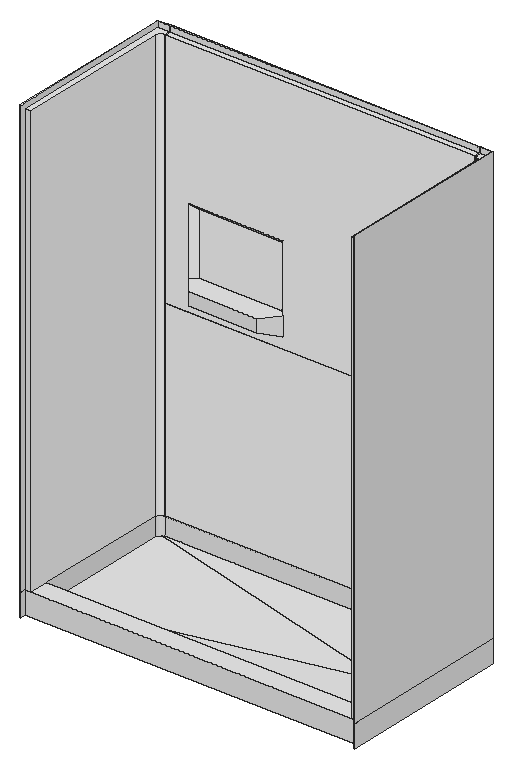
Revit family "5LRS6030L-R", category Plumbing Fixtures, Revit 2017
Family settings
  Round Connector Dimension = Use Diameter
  Part Type = Normal
  OmniClass Number = 23.45.05.14.17
  OmniClass Title = Showers
  Work Plane-Based = No
  Always vertical = Yes
  Cut with Voids When Loaded = No
  Shared = No
  Room Calculation Point = No
Parameters (values of type "5LRS6030")
  Unit Width = 60"
  Unit Height = 82 1/4"
  Unit Depth = 31"
  URL = "http://www.bestbath.com/"
  Type Comments = "Remodeler"
  Model = "5LRS6030"
  Material [instance] = Best Bath Gelcoat Fiberglass - RealTile
  Manufacturer = "Best Bath Systems, Inc."
  Keynote = "22 40 00.B3"
  Description = "Real Tile Finish"
  Assembly Code = "D2010710"
Reference planes (in)
  plane 1: z = 0
  plane 2 "Left": x = 0
  plane 3: z = 81.25
  plane 4: z = 82.25
  plane 5: y = 6.36165
  plane 6: y = 36.36165
  plane 7: x = 60
  plane 8: y = 35.11165
  plane 9: y = 22.36165
  plane 10: x = 51.5
  plane 11: z = 0.375
  plane 12: z = 0.75
  plane 13: z = 38.25
  plane 14: z = 4
  plane 15: y = 5.36165
  plane 16: z = 43.625
Forms (in)
  Extrusion 1, solid, material "Best Bath Gelcoat Fiberglass - Smooth"
    sketch origin (0, 0, 0) x (1, 0, 0) y (0, 1, 0)
      loop
        line (0, 6.36165) -> (60, 6.36165) -> (60, 36.36165) -> (0, 36.36165) -> (0, 6.36165)
      loop
        circle (51.5, 22.36165) r 2.125
    from 0 to 0.75
  Extrusion 2, solid, material "Best Bath Gelcoat Fiberglass - Smooth"
    sketch origin (0, 0, 0) x (1, 0, 0) y (0, 1, 0)
      loop
        line (2.25, 36.36165) -> (2.25, 35.11165) -> (57.75, 35.11165) -> (57.75, 36.36165) -> (2.25, 36.36165)
    from 4 to 38.25
  Blend 3, void
    base sketch origin (0, 0, 0) x (1, 0, 0) y (0, 1, 0)
      loop
        line (1.25, 10.38049) -> (58.75, 10.38049) -> (58.75, 35.11165) -> (1.25, 35.11165) -> (1.25, 10.38049)
    top sketch origin (0, 0, 0) x (1, 0, 0) y (0, 1, 0)
      loop
        circle (51.5, 22.36165) r 0.07952
    from 0.75 to 0.375
  Extrusion 4, solid, material "Best Bath Gelcoat Fiberglass - Smooth"
    sketch origin (0, 0, 0) x (1, 0, 0) y (0, 1, 0)
      loop
        line (2.25, 36.36165) -> (2.25, 35.11165) -> (57.75, 35.11165) -> (57.75, 36.36165) -> (2.25, 36.36165)
    from 38.25 to 81.25
  Extrusion 5, solid, material "Best Bath Gelcoat Fiberglass - Smooth"
    sketch origin (0.25, 0, 0) x (1, 0, 0) y (0, 1, 0)
      loop
        line (-0.25, 6.36165) -> (1, 6.36165) -> (1, 34.11165)
        arc (1, 34.11165) -> (1.29289, 34.81875) -> (2, 35.11165) r 1
        line (2, 35.11165) -> (2, 36.36165) -> (-0.25, 36.36165) -> (-0.25, 6.36165)
      loop
        line (59.75, 6.36165) -> (59.75, 36.36165) -> (57.5, 36.36165) -> (57.5, 35.11165)
        arc (57.5, 35.11165) -> (58.20711, 34.81875) -> (58.5, 34.11165) r 1
        line (58.5, 34.11165) -> (58.5, 6.36165) -> (59.75, 6.36165)
    from 4 to 81.25
  Extrusion 6, solid, material "Best Bath Gelcoat Fiberglass - Smooth"
    sketch origin (0, 0, 0) x (1, 0, 0) y (0, 1, 0)
      loop
        line (0, 36.36165) -> (0, 6.36165) -> (1.25, 6.36165) -> (1.25, 34.11165)
        arc (1.25, 34.11165) -> (1.54289, 34.81875) -> (2.25, 35.11165) r 1
        line (2.25, 35.11165) -> (57.75, 35.11165)
        arc (57.75, 35.11165) -> (58.45711, 34.81875) -> (58.75, 34.11165) r 1
        line (58.75, 34.11165) -> (58.75, 6.36165) -> (60, 6.36165) -> (60, 35.11165) -> (60, 36.36165) -> (0, 36.36165)
    from 0 to 4
  Sweep 7, solid, material "Best Bath Gelcoat Fiberglass - Smooth"
    path origin (0, 0, 0) x (1, 0, 0) y (0, 1, 0)
      loop
        line (1.25, 6.36165) -> (58.75, 6.36165)
    profile origin (30, 6.36165, 0) x (0, 1, 0) y (0, 0, 1)
      loop
        line (0, 0) -> (4.15, 0) -> (3.35, 4) -> (0, 4) -> (0, 0)
  Extrusion 8, solid, material "Best Bath Gelcoat Fiberglass - Smooth"
    sketch origin (0, 0, 0) x (1, 0, 0) y (0, 1, 0)
      loop
        line (0, 6.36165) -> (0, 5.36165) -> (0.125, 5.36165) -> (0.125, 6.36165) -> (0, 6.36165)
      loop
        line (60, 6.36165) -> (59.875, 6.36165) -> (59.875, 5.36165) -> (60, 5.36165) -> (60, 6.36165)
    from 0 to 4
  Extrusion 9, solid, material "Best Bath Gelcoat Fiberglass - Smooth"
    sketch origin (0, 0, 0) x (1, 0, 0) y (0, 1, 0)
      loop
        line (2.25, 36.36165) -> (2.25, 36.23665) -> (57.75, 36.23665) -> (57.75, 36.36165) -> (2.25, 36.36165)
    from 81.25 to 82.25
  Extrusion 10, solid, material "Best Bath Gelcoat Fiberglass - Smooth"
    sketch origin (0, 0, 0) x (1, 0, 0) y (0, 1, 0)
      loop
        line (0, 5.36165) -> (0.125, 5.36165) -> (0.125, 36.23665) -> (2.25, 36.23665) -> (2.25, 36.36165) -> (0, 36.36165) -> (0, 5.36165)
      loop
        line (60, 5.36165) -> (60, 36.36165) -> (57.75, 36.36165) -> (57.75, 36.23665) -> (59.875, 36.23665) -> (59.875, 5.36165) -> (60, 5.36165)
    from 4 to 82.25
  Blend 11, solid, material "Best Bath Gelcoat Fiberglass - Smooth"
    base sketch origin (-2.4375, -38, -0.375) x (1, 0, 0) y (0, 0, 1)
      loop
        line (56, 44) -> (39, 44) -> (39, 40.625) -> (56, 40.625) -> (56, 44)
    top sketch origin (-2.4375, -38, -0.375) x (1, 0, 0) y (0, 0, 1)
      loop
        line (41, 44) -> (41, 40) -> (54, 40) -> (54, 44) -> (41, 44)
    from -73.11165 to -70.11165
  Blend 12, solid, material "Best Bath Gelcoat Fiberglass - Smooth"
    base sketch origin (-32.5625, -38, -0.375) x (1, 0, 0) y (0, 0, 1)
      loop
        line (56, 44) -> (39, 44) -> (39, 40.625) -> (56, 40.625) -> (56, 44)
    top sketch origin (-32.5625, -38, -0.375) x (1, 0, 0) y (0, 0, 1)
      loop
        line (41.375, 44) -> (41.375, 41.75) -> (53.625, 41.75) -> (53.625, 44) -> (41.375, 44)
    from -73.11165 to -70.11165
  Blend 13, void
    base sketch origin (-2.4375, -38.5, -0.375) x (1, 0, 0) y (0, 0, 1)
      loop
        line (39, 44) -> (56, 44) -> (56, 56) -> (39, 56) -> (39, 44)
    top sketch origin (-2.4375, -38.5, -0.375) x (1, 0, 0) y (0, 0, 1)
      loop
        line (40, 44) -> (55, 44) -> (55, 55) -> (40, 55) -> (40, 44)
    from -73.61165 to -74.61165
  Blend 14, void
    base sketch origin (-32.5625, -38.5, -0.375) x (1, 0, 0) y (0, 0, 1)
      loop
        line (39, 44) -> (56, 44) -> (56, 56) -> (39, 56) -> (39, 44)
    top sketch origin (-32.5625, -38.5, -0.375) x (1, 0, 0) y (0, 0, 1)
      loop
        line (40, 44) -> (55, 44) -> (55, 55) -> (40, 55) -> (40, 44)
    from -73.61165 to -74.61165
Cuts and joins
  Blend 3 cuts Extrusion 1
  joined: Extrusion 1, Extrusion 6, Sweep 7, Extrusion 8
  Blend 13, Blend 14 cuts Extrusion 4
  joined: Extrusion 4, Extrusion 9, Blend 11, Blend 12
  joined: Extrusion 5, Extrusion 10
Dimensions and locks (in)
  locked: plane 4 to plane 3 at 1
  "Unit Height": plane 4 to level
  plane 2 "Left" to plane 10 to plane 7 = 51 1/2", 8 1/2" locked
  locked: plane 2 "Left" to plane 7 at 60
  plane 6 to plane 8 = 1 1/4"
  locked: plane 6 to plane 9 at 14
  locked: plane 12 to level at 0.75
  locked: plane 12 to plane 11 at 0.375
  locked: plane 13 to plane 14 at 34.25
  locked: plane 14 to level at 4
  locked: plane 5 to plane 15 at 1
  "Unit Depth": plane 6 to plane 15
  plane 16 to plane 13 = 5 3/8"
  aligned and locked: level to plane 1
  aligned and locked: Extrusion 1 sketch curve to plane 5
  aligned and locked: Extrusion 1 sketch curve to plane 2 "Left"
  aligned and locked: plane 6 to Extrusion 1 sketch curve
  aligned and locked: Extrusion 1 sketch curve to plane 7
  aligned and locked: plane 10 to Extrusion 1 sketch curve
  aligned and locked: plane 9 to Extrusion 1 sketch curve
  aligned and locked: plane 12 to Extrusion 1
  aligned and locked: plane 9 to Blend 3 sketch curve
  aligned and locked: plane 10 to Blend 3 sketch curve
  aligned and locked: Extrusion 1 to Blend 3
  aligned and locked: Blend 3 to plane 11
  aligned and locked: plane 13 to Extrusion 2
  aligned and locked: Extrusion 4 to Extrusion 2
  aligned and locked: plane 3 to Extrusion 4
  aligned and locked: plane 3 to Extrusion 5
  aligned and locked: plane 14 to Extrusion 6
  aligned and locked: Extrusion 5 to plane 14
  aligned and locked: Extrusion 2 to plane 14
  aligned and locked: Extrusion 8 to Extrusion 2
  aligned and locked: Extrusion 9 to plane 3
  aligned and locked: plane 4 to Extrusion 9
  aligned and locked: Extrusion 10 to Extrusion 2
  aligned and locked: plane 4 to Extrusion 10
  aligned and locked: plane 16 to Blend 11
  aligned and locked: plane 16 to Blend 12
  aligned and locked: Blend 13 to plane 16
  aligned and locked: Blend 14 to plane 16
Automatic sketch dimensions
  Extrusion 6 sketch curve to plane 2 "Left" = 0"
  Extrusion 6 sketch curve to plane 5 = 0"  (x2)
  Extrusion 6 sketch curve to plane 8 = 0"  (x2)
  Extrusion 6 sketch curve to plane 6 = 0"
  Extrusion 6 sketch curve to plane 7 = 0"
  Extrusion 6 sketch curve to Extrusion 6 sketch curve = 1 1/4"  (x2)
  Extrusion 6 sketch curve to Extrusion 6 sketch curve = 1"
  Extrusion 6 sketch curve to Extrusion 6 sketch curve = 2 1/4"
  Extrusion 5 sketch curve to plane 2 "Left" = 0"
  Extrusion 5 sketch curve to plane 5 = 0"  (x2)
  Extrusion 5 sketch curve to plane 6 = 0"  (x2)
  Extrusion 5 sketch curve to plane 8 = 0"  (x2)
  Extrusion 5 sketch curve to plane 7 = 0"
  Extrusion 5 sketch curve to plane 8 = 1"  (x2)
  Extrusion 5 sketch curve to Extrusion 5 sketch curve = 1 1/4"
  plane 7 to Extrusion 5 sketch curve = 2 1/4"
  Extrusion 4 sketch curve to plane 8 = 0"
  Extrusion 4 sketch curve to plane 6 = 0"
  plane 2 "Left" to Extrusion 4 sketch curve = 2 1/4"
  plane 7 to Extrusion 4 sketch curve = 2 1/4"
  Extrusion 2 sketch curve to plane 8 = 0"
  Extrusion 2 sketch curve to plane 6 = 0"
  plane 2 "Left" to Extrusion 2 sketch curve = 2 1/4"
  plane 7 to Extrusion 2 sketch curve = 2 1/4"
  Sweep 7 sketch curve to plane 5 = 0"
  plane 2 "Left" to Sweep 7 sketch curve = 1 1/4"
  plane 7 to Sweep 7 sketch curve = 1 1/4"
  Blend 3 sketch curve to plane 8 = 0"
  plane 2 "Left" to Blend 3 sketch curve = 1 1/4"
  plane 7 to Blend 3 sketch curve = 1 1/4"
  plane 5 to Blend 3 sketch curve = 4.01884"
  Extrusion 8 sketch curve to plane 2 "Left" = 0"
  Extrusion 8 sketch curve to plane 15 = 0"  (x2)
  Extrusion 8 sketch curve to plane 5 = 0"  (x2)
  Extrusion 8 sketch curve to plane 7 = 0"
  plane 2 "Left" to Extrusion 8 sketch curve = 1/8"
  Extrusion 8 sketch curve to Extrusion 8 sketch curve = 1/8"
  Extrusion 9 sketch curve to plane 6 = 0"
  plane 2 "Left" to Extrusion 9 sketch curve = 2 1/4"
  plane 7 to Extrusion 9 sketch curve = 2 1/4"
  Extrusion 9 sketch curve to plane 6 = 1/8"
  Extrusion 10 sketch curve to plane 2 "Left" = 0"
  Extrusion 10 sketch curve to plane 15 = 0"  (x2)
  Extrusion 10 sketch curve to plane 6 = 0"  (x2)
  Extrusion 10 sketch curve to plane 7 = 0"
  plane 2 "Left" to Extrusion 10 sketch curve = 1/8"
  Extrusion 10 sketch curve to plane 6 = 1/8"  (x2)
  Extrusion 10 sketch curve to Extrusion 10 sketch curve = 2 1/8"
  Extrusion 10 sketch curve to Extrusion 10 sketch curve = 2 1/4"
  Extrusion 10 sketch curve to Extrusion 10 sketch curve = 1/8"
  Blend 11 sketch curve to plane 4 = 38 5/8"
  plane 7 to Blend 11 sketch curve = 23 7/16"
  Blend 11 sketch curve to plane 4 = 42"
  Blend 11 sketch curve to Blend 11 sketch curve = 17"
  Blend 12 sketch curve to plane 10 = 45 1/16"
  plane 7 to Blend 12 sketch curve = 36 9/16"
  Blend 12 sketch curve to plane 4 = 42"
  Blend 12 sketch curve to Blend 12 sketch curve = 3 3/8"
  Blend 12 sketch curve to plane 10 = 42 11/16"
  plane 7 to Blend 12 sketch curve = 38 15/16"
  Blend 12 sketch curve to plane 4 = 40 7/8"
  Blend 12 sketch curve to Blend 12 sketch curve = 2 1/4"
  plane 7 to Blend 13 sketch curve = 23 7/16"
  Blend 13 sketch curve to Blend 13 sketch curve = 17"
  Blend 13 sketch curve to plane 4 = 38 5/8"  (x2)
  Blend 13 sketch curve to Blend 13 sketch curve = 12"
  plane 7 to Blend 13 sketch curve = 22 7/16"
  Blend 13 sketch curve to Blend 13 sketch curve = 15"
  Blend 13 sketch curve to Blend 13 sketch curve = 11"
  Blend 14 sketch curve to plane 10 = 45 1/16"
  plane 7 to Blend 14 sketch curve = 36 9/16"
  Blend 14 sketch curve to plane 4 = 38 5/8"  (x2)
  Blend 14 sketch curve to Blend 14 sketch curve = 12"
  Blend 14 sketch curve to plane 10 = 44 1/16"
  plane 7 to Blend 14 sketch curve = 37 9/16"
  Blend 14 sketch curve to Blend 14 sketch curve = 11"
  Blend 11 sketch curve to plane 16 = 0"
  Blend 11 sketch curve to plane 10 = 12 15/16"
  plane 10 to Blend 11 sketch curve = 1/16"
  plane 13 to Blend 11 sketch curve = 1 3/8"
  Sweep 7 sketch curve to profile plane = 0"
  Sweep 7 sketch curve to level = 0"
  Sweep 7 sketch curve to profile plane = 3.35"
  Sweep 7 sketch curve to Sweep 7 sketch curve = 0.8"
  level to Sweep 7 sketch curve = 4"
  radius of Extrusion 1 sketch curve = 2 1/8"
  radius of Blend 3 sketch curve = 0.07952"
